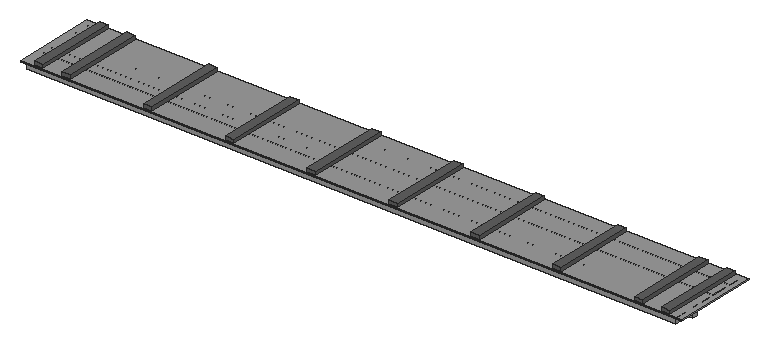
Revit family "9100-B", category Generic Models, host Ceiling, Revit 2020
Family settings
  Host = Ceiling
  Can host rebar = No
  Round Connector Dimension = Use Diameter
  Part Type = Normal
  Always vertical = Yes
  Cut with Voids When Loaded = No
  Shared = No
  Room Calculation Point = No
Parameters
  min_value [instance] = 1' - 11 1/4"  # constant formula
  max_value [instance] = 11' - 11 1/4"  # constant formula
  actual_value [instance] = if(NET LENGTH < min_value, min_value, if(NET LENGTH > max_value, max_value, NET LENGTH))  # 7' - 11 1/4"
  SCRIM MATERIAL [instance] = SCRIM
  SCRIM [instance] = yes
  IMPORTANT NOTE!!!                                                                             *Backer layout is for visualization purposes only, final layout to be determined by 9Wood. = ""
  Default Elevation = 0' - 0"
  BACKER MATERIAL [instance] = BLACK-BACKERS
  .. MEMBER MATERIAL [instance] = Solid Western Hemlock
  NET LENGTH [instance] = 7' - 11 1/4"
  .. MEMBER LENGTH [instance] = actual_value  # 7' - 11 1/4"
Reference planes (in)
  plane 1 "Center (Front/Back)": y = 0
  plane 2 "Ceiling": z = 96
  plane 3 "Center (Left/Right)": x = 0
Dimensions and locks (in)
  equal spacing: host sketch curve, plane 3 "Center (Left/Right)", host sketch curve
  equal spacing: host sketch curve, plane 1 "Center (Front/Back)", host sketch curve
  host sketch curve to host sketch curve = 10' - 0"  (x2)
  aligned and locked: host ceiling to nested 1
Nested families (in)
  nested 1: "9100-C SERIES CONFIG - 6 MEMBER" at (19.74957, -10.64453, 95.5), .. MEMBER LENGTH <- ".. MEMBER LENGTH", .. MEMBER MATERIAL <- ".. MEMBER MATERIAL", BACKING M MATERIAL <- "BACKER MATERIAL", SCRIM  MATERIAL <- "SCRIM MATERIAL", SCRIM <- "SCRIM", type "9100-C SERIES CONFIG - 6 MEMBER"
    with X 7' - 8", SCRIM OVERHANG 2 0' - 0 3/32", SCRIM OVERHANG 0' - 0 7/8", SCRIM LENGTH 8' - 1", SCRIM  MATERIAL SCRIM, SCRIM yes, NOMINAL LENGTH 6, N 8, Inset 6' - 0 3/8", INSET 0' - 1", INDEX 0' - 5 5/8", HYBRID SPACING 5 12' - 0", HYBRID SPACING 4 0' - 9 13/16", HYBRID SPACING 3 0' - 6 25/32", HYBRID SPACING 2 0' - 4 19/32", HYBRID SPACING 1 0' - 3 1/16", HYBRID DIM 3.25" 0' - 3 1/4", HYBRID DIM 2.25" 0' - 2 1/4", HYBRID DIM 1.375" 0' - 1 3/8", HYBRID DIM 0.625" 0' - 0 3/4", HALF MEMBER WIDTH 0' - 1 1/8", HALF LENGTH 3' - 11 5/8", END BACKER yes, BACKING M WIDTH 0' - 1 1/4", BACKING M OC SPACING 1' - 0", BACKING M MATERIAL BLACK-BACKERS, BACKING M LENGTH 0' - 11 7/8", BACKING M DEPTH 0' - 0 1/2", BACKING M COUNT 8, 3/16" INSET 0' - 0 3/16", .. MEMBER WIDTH 0' - 0 5/8", .. MEMBER OC SPACING 0' - 3", .. MEMBER MATERIAL Solid Western Hemlock, .. MEMBER LENGTH 7' - 11 1/4", .. MEMBER DEPTH 0' - 0 5/8", .. MEMBER COUNT 4
Definition of nested family "9100-C SERIES CONFIG - 6 MEMBER"
  Parameters (values of type "9100-C SERIES CONFIG - 6 MEMBER")
    X [instance] = .. MEMBER LENGTH - 0' 3 1/4"  # 6' - 8"
    SCRIM OVERHANG 2 [instance] = 0' - 0 3/32"  # constant formula
    SCRIM OVERHANG [instance] = 0' - 0 7/8"  # constant formula
    SCRIM LENGTH [instance] = .. MEMBER LENGTH + (SCRIM OVERHANG * 2)  # 7' - 1"
    SCRIM  MATERIAL [instance] = none
    SCRIM [instance] = yes
    NOMINAL LENGTH [instance] = 6
    N [instance] = if((X - (rounddown(X / 1' 0") * 1' 0")) > 1' 0", rounddown(X / 1' 0") + 2, rounddown(X / 1' 0") + 1)  # 7
    Inset [instance] = 6' - 0 3/8"  # constant formula
    INSET [instance] = 0' - 1"  # constant formula
    INDEX [instance] = (.. MEMBER LENGTH - ((N - 1) * 1' 0")) / 2  # 0' - 5 5/8"
    HYBRID SPACING 5 [instance] = 12' - 0"  # constant formula
    HYBRID SPACING 4 [instance] = 0' - 9 13/16"  # constant formula
    HYBRID SPACING 3 [instance] = 0' - 6 25/32"  # constant formula
    HYBRID SPACING 2 [instance] = 0' - 4 19/32"  # constant formula
    HYBRID SPACING 1 [instance] = 0' - 3 1/16"  # constant formula
    HYBRID DIM 3.25" [instance] = 0' - 3 1/4"  # constant formula
    HYBRID DIM 2.25" [instance] = 0' - 2 1/4"  # constant formula
    HYBRID DIM 1.375" [instance] = 0' - 1 3/8"  # constant formula
    HYBRID DIM 0.625" [instance] = 0' - 0 3/4"  # constant formula
    HALF MEMBER WIDTH [instance] = 0' 2 1/4" / 2  # 0' - 1 1/8"
    HALF LENGTH [instance] = .. MEMBER LENGTH / 2  # 3' - 5 5/8"
    END BACKER [instance] = INDEX > 0' 3 5/8"  # yes
    Default Elevation = 0' - 0"
    BACKING M WIDTH [instance] = 0' - 1 1/4"
    BACKING M MATERIAL [instance] = none
    BACKING M LENGTH [instance] = 0' - 11 7/8"
    BACKING M DEPTH [instance] = 0' - 0 1/2"
    BACKING M COUNT [instance] = N  # 7
    BACKING M OC SPACING [instance] = 1' - 0"  # constant formula
    3/16" INSET [instance] = 0' - 0 3/16"  # constant formula
    .. MEMBER WIDTH [instance] = 0' - 0 3/4"
    .. MEMBER OC SPACING [instance] = 1' 0" / .. MEMBER COUNT  # 0' - 3"
    .. MEMBER MATERIAL [instance] = none
    .. MEMBER LENGTH [instance] = 6' - 11 1/4"
    .. MEMBER DEPTH [instance] = 0' - 0 3/4"
    .. MEMBER COUNT [instance] = 4
  Reference planes (in)
    plane 1 "Center (Front/Back)": y = -2
    plane 2: z = 0
    plane 3 "Center (Left/Right)": x = 0
    plane 4: x = 1
    plane 5: x = 5.625
    plane 6: x = 41.625
    plane 7: x = 83.25
    plane 8: x = 82.25
    plane 9: x = 17.625
    plane 10: y = -1.8125
    plane 11: y = 1.0625
    plane 12: x = 84.125
    plane 13: x = -0.875
    plane 14: z = 0.11056
    plane 15: y = 2.59375
    plane 16: y = 4.78125
    plane 17: y = -0.875
    plane 18: y = 7.8125
    plane 19: y = -2.09375
    plane 20: y = 10.0625
    plane 21: y = 10.15625
  Dimensions and locks (in)
    "INSET": plane 3 "Center (Left/Right)" to plane 4
    "INDEX": plane 3 "Center (Left/Right)" to plane 5
    "HALF LENGTH": plane 3 "Center (Left/Right)" to plane 6
    ".. MEMBER LENGTH": plane 3 "Center (Left/Right)" to plane 7
    "INSET": plane 8 to plane 7
    equal spacing: group 1, group 2, group 3, group 4, group 5, group 6, group 7  (x3)
    "3/16" INSET": plane 1 "Center (Front/Back)" to plane 10
    "SCRIM OVERHANG": plane 13 to plane 3 "Center (Left/Right)"
    "SCRIM OVERHANG": plane 7 to plane 12
    "BACKING M OC SPACING": plane 5 to plane 9
    "HYBRID SPACING 1": plane 1 "Center (Front/Back)" to plane 11
    "HYBRID SPACING 2": plane 1 "Center (Front/Back)" to plane 15
    "HYBRID SPACING 3": plane 1 "Center (Front/Back)" to plane 16
    "HALF MEMBER WIDTH": plane 1 "Center (Front/Back)" to plane 17
    "HYBRID SPACING 4": plane 1 "Center (Front/Back)" to plane 18
    "SCRIM OVERHANG 2": plane 21 to plane 20
    "SCRIM OVERHANG 2": plane 19 to plane 1 "Center (Front/Back)"
    aligned and locked: level to plane 2
    aligned and locked: plane 6 to nested 1
    aligned and locked: nested 2 to plane 4
    aligned and locked: plane 5 to nested 3
    aligned and locked: nested 2 to plane 10
    aligned and locked: nested 3 to plane 10
    aligned and locked: nested 5 to plane 10
    aligned and locked: nested 4 to plane 10
    aligned and locked: nested 8 to plane 13
    aligned and locked: nested 9 to plane 3 "Center (Left/Right)"  (x2)
    aligned and locked: plane 9 to nested 5
    aligned and locked: plane 8 to nested 4
    aligned and locked: plane 11 to nested 9
    aligned and locked: nested 13 to plane 16
    aligned and locked: nested 13 to plane 3 "Center (Left/Right)"
    aligned and locked: plane 3 "Center (Left/Right)" to nested 9
    aligned and locked: nested 1 to plane 3 "Center (Left/Right)"
    aligned and locked: nested 1 to plane 17
    aligned and locked: nested 14 to plane 18
    aligned and locked: nested 14 to plane 3 "Center (Left/Right)"
    aligned and locked: plane 3 "Center (Left/Right)" to nested 13
    aligned and locked: plane 3 "Center (Left/Right)" to nested 1
    aligned and locked: plane 20 to nested 7
    aligned and locked: nested 8 to plane 19
    aligned and locked: plane 21 to nested 8
    aligned and locked: nested 15 to plane 15
    aligned and locked: nested 15 to plane 3 "Center (Left/Right)"
    aligned and locked: plane 3 "Center (Left/Right)" to nested 14
  Nested families (in)
    nested 1: "INSTANCE - Parametric Cube" at (41.625, -0.875, -0.0625), Length <- "HYBRID DIM 2.25"", Height <- "HYBRID DIM 0.625"", Width <- ".. MEMBER LENGTH", Material <- ".. MEMBER MATERIAL", type "INSTANCE - Parametric Cube"
      with Width 6' - 11 1/4", Material none, Length 0' - 2 1/4", Height 0' - 0 3/4"
    nested 2: "2ND INSTANCE - Parametric Cube" at (1.625, 4.125, 0), Height <- "BACKING M DEPTH", Length <- "BACKING M LENGTH", Width <- "BACKING M WIDTH", Material <- "BACKING M MATERIAL", visible <- "END BACKER", type "2ND INSTANCE - Parametric Cube"
      with Width 0' - 1 1/4", Material none, Length 0' - 11 7/8", Height 0' - 0 1/2"
    nested 3: "2ND INSTANCE - Parametric Cube" at (5.625, 4.125, 0), Length <- "BACKING M LENGTH", Height <- "BACKING M DEPTH", Width <- "BACKING M WIDTH", Material <- "BACKING M MATERIAL", type "2ND INSTANCE - Parametric Cube"
      with Width 0' - 1 1/4", Material none, Length 0' - 11 7/8", Height 0' - 0 1/2"
    nested 4: "2ND INSTANCE - Parametric Cube" at (81.625, 4.125, 0), Width <- "BACKING M WIDTH", Length <- "BACKING M LENGTH", Height <- "BACKING M DEPTH", Material <- "BACKING M MATERIAL", visible <- "END BACKER", type "2ND INSTANCE - Parametric Cube"
      with Width 0' - 1 1/4", Material none, Length 0' - 11 7/8", Height 0' - 0 1/2"
    nested 5: "2ND INSTANCE - Parametric Cube" at (17.625, 4.125, 0), Length <- "BACKING M LENGTH", Height <- "BACKING M DEPTH", Width <- "BACKING M WIDTH", Material <- "BACKING M MATERIAL", type "2ND INSTANCE - Parametric Cube"
      with Width 0' - 1 1/4", Material none, Length 0' - 11 7/8", Height 0' - 0 1/2"
    nested 6: "2ND INSTANCE - Parametric Cube" at (29.625, 4.125, 0), Length <- "BACKING M LENGTH", Height <- "BACKING M DEPTH", Width <- "BACKING M WIDTH", Material <- "BACKING M MATERIAL", type "2ND INSTANCE - Parametric Cube"
      with Width 0' - 1 1/4", Material none, Length 0' - 11 7/8", Height 0' - 0 1/2"
    nested 7: "2ND INSTANCE - Parametric Cube" at (41.625, 4.125, 0), Length <- "BACKING M LENGTH", Height <- "BACKING M DEPTH", Width <- "BACKING M WIDTH", Material <- "BACKING M MATERIAL", type "2ND INSTANCE - Parametric Cube"
      with Width 0' - 1 1/4", Material none, Length 0' - 11 7/8", Height 0' - 0 1/2"
    nested 8: "3RD INSTANCE - Parametric Cube" at (41.625, 4.03125, -0.0625), Width <- "SCRIM LENGTH", Material <- "SCRIM  MATERIAL", visible <- "SCRIM", type "3RD INSTANCE - Parametric Cube"
      with Width 7' - 1", Material none, Length 1' - 0 1/4", Height 0' - 0 1/16"
    nested 9: "INSTANCE - Parametric Cube" at (41.625, 1.4375, -0.0625), Length <- "HYBRID DIM 0.625"", Height <- "HYBRID DIM 1.375"", Width <- ".. MEMBER LENGTH", Material <- ".. MEMBER MATERIAL", type "INSTANCE - Parametric Cube"
      with Width 6' - 11 1/4", Material none, Length 0' - 0 3/4", Height 0' - 1 3/8"
    nested 10: "2ND INSTANCE - Parametric Cube" at (53.625, 4.125, 0), Length <- "BACKING M LENGTH", Height <- "BACKING M DEPTH", Width <- "BACKING M WIDTH", Material <- "BACKING M MATERIAL", type "2ND INSTANCE - Parametric Cube"
      with Width 0' - 1 1/4", Material none, Length 0' - 11 7/8", Height 0' - 0 1/2"
    nested 11: "2ND INSTANCE - Parametric Cube" at (65.625, 4.125, 0), Length <- "BACKING M LENGTH", Height <- "BACKING M DEPTH", Width <- "BACKING M WIDTH", Material <- "BACKING M MATERIAL", type "2ND INSTANCE - Parametric Cube"
      with Width 0' - 1 1/4", Material none, Length 0' - 11 7/8", Height 0' - 0 1/2"
    nested 12: "2ND INSTANCE - Parametric Cube" at (77.625, 4.125, 0), Length <- "BACKING M LENGTH", Height <- "BACKING M DEPTH", Width <- "BACKING M WIDTH", Material <- "BACKING M MATERIAL", type "2ND INSTANCE - Parametric Cube"
      with Width 0' - 1 1/4", Material none, Length 0' - 11 7/8", Height 0' - 0 1/2"
    nested 13: "INSTANCE - Parametric Cube" at (41.625, 5.90625, -0.0625), Length <- "HYBRID DIM 2.25"", Height <- "HYBRID DIM 0.625"", Width <- ".. MEMBER LENGTH", Material <- ".. MEMBER MATERIAL", type "INSTANCE - Parametric Cube"
      with Width 6' - 11 1/4", Material none, Length 0' - 2 1/4", Height 0' - 0 3/4"
    nested 14: "INSTANCE - Parametric Cube" at (41.625, 8.5, -0.0625), Length <- "HYBRID DIM 1.375"", Height <- "HYBRID DIM 0.625"", Width <- ".. MEMBER LENGTH", Material <- ".. MEMBER MATERIAL", type "INSTANCE - Parametric Cube"
      with Width 6' - 11 1/4", Material none, Length 0' - 1 3/8", Height 0' - 0 3/4"
    nested 15: "INSTANCE - Parametric Cube" at (41.625, 3.28125, -0.0625), Length <- "HYBRID DIM 1.375"", Height <- "HYBRID DIM 0.625"", Width <- ".. MEMBER LENGTH", Material <- ".. MEMBER MATERIAL", type "INSTANCE - Parametric Cube"
      with Width 6' - 11 1/4", Material none, Length 0' - 1 3/8", Height 0' - 0 3/4"
  Definition of nested family "INSTANCE - Parametric Cube"
    Parameters (values of type "INSTANCE - Parametric Cube")
      Width [instance] = 0' - 6"
      Material [instance] = none
      Length [instance] = 1' - 0"
      Height [instance] = 1' - 6"
      Default Elevation = 0' - 0"
    Reference planes (in)
      plane 1 "Center (Front/Back)": y = 0
      plane 2: z = 0
      plane 3 "Center (Left/Right)": x = 0
      plane 4: x = -3
      plane 5: x = 3
      plane 6: y = 6
      plane 7: y = -6
      plane 8: z = -18
    Forms (in)
      Extrusion 1, solid, material <- "Material"
        sketch origin (0, 0, 0) x (1, 0, 0) y (0, 1, 0)
          loop
            line (-3, 6) -> (-3, -6) -> (3, -6) -> (3, 6) -> (-3, 6)
        from -18 to 0
    Dimensions and locks (in)
      equal spacing: plane 4, plane 3 "Center (Left/Right)", plane 5
      equal spacing: plane 6, plane 1 "Center (Front/Back)", plane 7
      "Length": plane 6 to plane 7
      "Width": plane 4 to plane 5
      "Height": plane 8 to level
      aligned and locked: plane 2 to level
      aligned and locked: Extrusion 1 sketch curve to plane 6
      aligned and locked: plane 4 to Extrusion 1 sketch curve
      aligned and locked: plane 7 to Extrusion 1 sketch curve
      aligned and locked: Extrusion 1 sketch curve to plane 5
      aligned and locked: Extrusion 1 to plane 8
  Definition of nested family "2ND INSTANCE - Parametric Cube"
    Parameters (values of type "2ND INSTANCE - Parametric Cube")
      Width [instance] = 0' - 6"
      Material [instance] = none
      Length [instance] = 1' - 0"
      Height [instance] = 1' - 6"
      Default Elevation = 0' - 0"
    Reference planes (in)
      plane 1 "Center (Front/Back)": y = 0
      plane 2: z = 0
      plane 3 "Center (Left/Right)": x = 0
      plane 4: x = -3
      plane 5: x = 3
      plane 6: y = 6
      plane 7: y = -6
      plane 8: z = 18
    Forms (in)
      Extrusion 1, solid, material <- "Material"
        sketch origin (0, 0, 0) x (1, 0, 0) y (0, 1, 0)
          loop
            line (-3, 6) -> (-3, -6) -> (3, -6) -> (3, 6) -> (-3, 6)
        from 0 to 18
    Dimensions and locks (in)
      equal spacing: plane 4, plane 3 "Center (Left/Right)", plane 5
      equal spacing: plane 6, plane 1 "Center (Front/Back)", plane 7
      "Length": plane 6 to plane 7
      "Width": plane 4 to plane 5
      "Height": level to plane 8
      aligned and locked: plane 2 to level
      aligned and locked: Extrusion 1 sketch curve to plane 6
      aligned and locked: plane 4 to Extrusion 1 sketch curve
      aligned and locked: plane 7 to Extrusion 1 sketch curve
      aligned and locked: Extrusion 1 sketch curve to plane 5
      aligned and locked: plane 8 to Extrusion 1
      aligned and locked: Extrusion 1 to level
  Definition of nested family "3RD INSTANCE - Parametric Cube"
    Parameters (values of type "3RD INSTANCE - Parametric Cube")
      Width [instance] = 0' - 6"
      Material [instance] = none
      Length [instance] = 1' - 0"
      Height [instance] = 1' - 6"
      Default Elevation = 0' - 0"
    Reference planes (in)
      plane 1 "Center (Front/Back)": y = 0
      plane 2: z = 0
      plane 3 "Center (Left/Right)": x = 0
      plane 4: x = -3
      plane 5: x = 3
      plane 6: y = 6
      plane 7: y = -6
      plane 8: z = 18
    Forms (in)
      Extrusion 1, solid, material <- "Material"
        sketch origin (0, 0, 0) x (1, 0, 0) y (0, 1, 0)
          loop
            line (-3, 6) -> (-3, -6) -> (3, -6) -> (3, 6) -> (-3, 6)
        from 0 to 18
    Dimensions and locks (in)
      equal spacing: plane 4, plane 3 "Center (Left/Right)", plane 5
      equal spacing: plane 6, plane 1 "Center (Front/Back)", plane 7
      "Length": plane 6 to plane 7
      "Width": plane 4 to plane 5
      "Height": level to plane 8
      aligned and locked: plane 2 to level
      aligned and locked: Extrusion 1 sketch curve to plane 6
      aligned and locked: plane 4 to Extrusion 1 sketch curve
      aligned and locked: plane 7 to Extrusion 1 sketch curve
      aligned and locked: Extrusion 1 sketch curve to plane 5
      aligned and locked: plane 8 to Extrusion 1
      aligned and locked: Extrusion 1 to level
